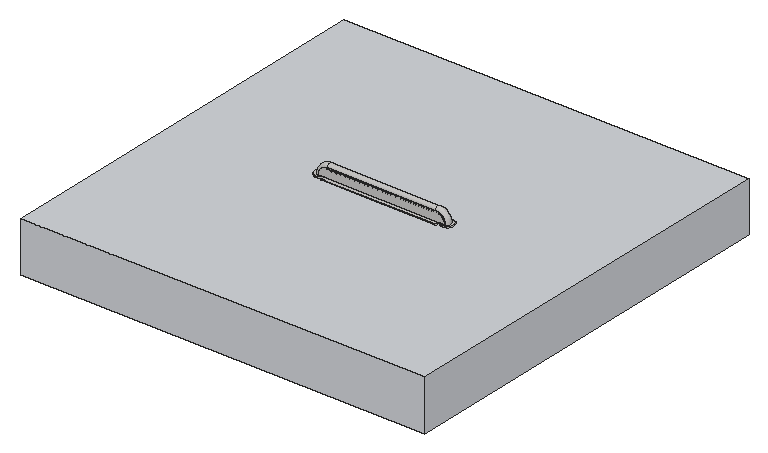
Revit family
Parameters (values of type "1109-2")
  Waste Connection = no
  WFU = 0
  Voltage = 0
  Vent Connection = no
  URL = "http://www.acorneng.com"
  Type Comments = ""
  Tempered Water Connection = no
  Revised Date = "09-19-12"
  Phone# = "626-336-4561"
  Model = "1109-2"
  Material = 304 Stainless Steel
  Manufacturer = "Acorn Engineering"
  HWFU = 0
  HW Connection = no
  Designed By = "ATS BIM Team"
  Description = "Grab Bars - Suicide Resistant"
  Default Elevation = 32 1/4"
  CWFU = 0
  CW Connection = no
  Assembly Code = ""
  Amperage = 0
Reference planes (in)
  plane 1 "Center (Front/Back)": y = 0
  plane 2: z = 0
  plane 3 "Center (Left/Right)": x = 0
  plane 4: x = -15
  plane 5: x = 15
  plane 6: z = 1.5
Forms (in)
  Extrusion 1, solid
    sketch origin (0, 0, 0) x (1, 0, 0) y (0, 1, 0)
      loop
        line (-48, 48) -> (-48, -48) -> (48, -48) -> (48, 48) -> (-48, 48)
    from 0 to -12
  Sweep 2, solid, material "304 Stainless Steel" <- "Material"
    path origin (0, 0, 0.75) x (1, 0, 0) y (0, 0, 1)
      loop
        arc (15, -0.625) -> (14.3776, 0.8776) -> (12.875, 1.5) r 2.125
        line (12.875, 1.5) -> (-12.875, 1.5)
        arc (-12.875, 1.5) -> (-14.3776, 0.8776) -> (-15, -0.625) r 2.125
    profile origin (12.875, 0, 2.25) x (0, 0, -1) y (0, -1, 0)
      loop
        circle (0, 0) r 0.75
  Extrusion 3, solid, material "304 Stainless Steel" <- "Material"
    sketch origin (-3, 0, 0) x (1, 0, 0) y (0, 1, 0)
      loop
        circle (-12, 0) r 1.5
      loop
        circle (18, 0) r 1.5
    from 0 to 0.125
  Extrusion 4, solid, material "304 Stainless Steel" <- "Material"
    sketch origin (0, -0.8281, 0) x (1, 0, 0) y (0, 0, -1)
      loop
        line (-12.875, -2.25) -> (12.875, -2.25)
        arc (12.875, -2.25) -> (14.3776, -1.6276) -> (15, -0.125) r 2.125
        line (15, -0.125) -> (15, 0) -> (-15, 0) -> (-15, -0.125)
        arc (-15, -0.125) -> (-14.3776, -1.6276) -> (-12.875, -2.25) r 2.125
    from 0 to 0.0781
  Extrusion 5, solid, material "304 Stainless Steel" <- "Material"
    sketch origin (0, 0, 0) x (1, 0, 0) y (0, 1, 0)
      loop
        line (13.7493, -0.75) -> (-13.7493, -0.75) -> (-13.7493, -1.46875)
        arc (-13.7493, -1.46875) -> (-13.66692, -1.66762) -> (-13.46805, -1.75) r 0.28125
        line (-13.46805, -1.75) -> (13.46805, -1.75)
        arc (13.46805, -1.75) -> (13.66692, -1.66762) -> (13.7493, -1.46875) r 0.28125
        line (13.7493, -1.46875) -> (13.7493, -0.75)
    from 0 to 0.0781
Cuts and joins
  joined: Sweep 2, Extrusion 3, Extrusion 4, Extrusion 5
Dimensions and locks (in)
  plane 4 to plane 5 = 30"
  plane 2 to plane 6 = 1 1/2"
  aligned and locked: plane 2 to Extrusion 1
  aligned and locked: level to Extrusion 1
